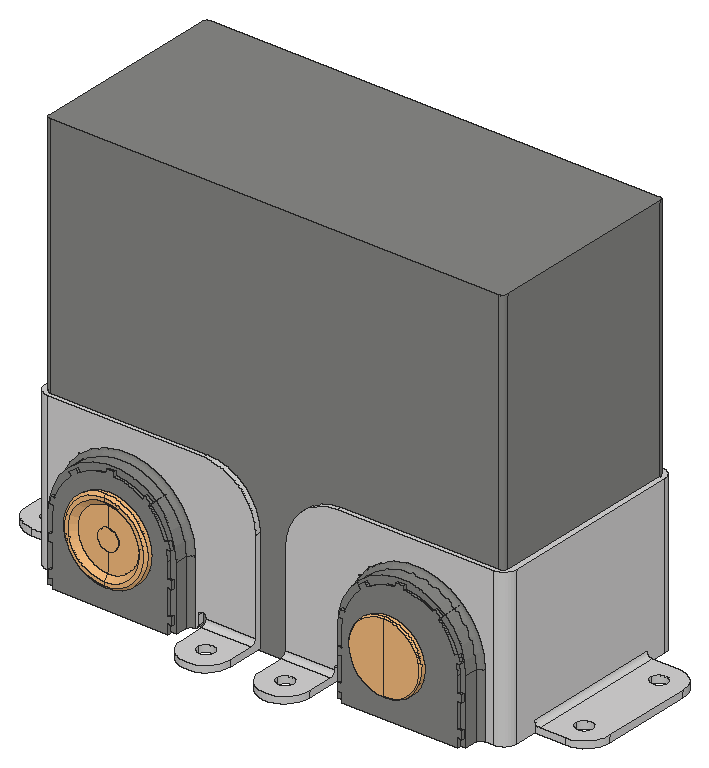
Revit family "Valve-One_Outlet_Thermostatic-KOHLER-K-26339T", category Plumbing Fixtures, host Face, Revit 2017
Family settings
  Host = Face
  Round Connector Dimension = Use Diameter
  Part Type = Normal
  OmniClass Number = 23.27.31.00
  OmniClass Title = Valves
  Cut with Voids When Loaded = No
  Shared = No
  Room Calculation Point = No
Parameters (values of type "NA-Not Applicable")
  Width = 8 215/256"  # constant formula
  WaterSense Certified = 1 = 0  # no
  Waste Connection = 1 = 0  # no
  Vent Connection = 1 = 0  # no
  Tempered Water Outlet Down [instance] = not(Tempered Water Outlet Up)  # no
  Tempered Water Outlet = "Tempered Water Outlet"  # constant formula
  URL = "http://www.kohler.com.cn/"
  Type = 1
  Product Page URL = ""
  Product Name = ""
  Product Documentation Link = ""
  Pressure = 0.00 psi
  Model = "K-26339T-NA"  # constant formula
  Material = "Plastic"  # constant formula
  Master Format 2014 Name = "Control Valves"  # constant formula
  Master Format 2014 = "23 09 13.33"  # constant formula
  Manufacturer Address = "Kohler Beijing Office (100016) 36-2-03-B, No. 88, Liuxiang Road, Beijing"  # constant formula
  Manufacturer = "KOHLER Co."  # constant formula
  Length = 6 13/128"  # constant formula
  Hot Water Inlet = "Hot Water Inlet"  # constant formula
  Height = 4 113/128"  # constant formula
  HW Connection = 1 = 1  # yes
  Tempered Water Outlet Up [instance] = yes
  Flow Rate = 1.75 GPM  # constant formula
  Finish = Kohler-Plastic-58-Thunder_Grey
  Environmental Product Declaration = ""
  Description = "Recessed thermostatic valve-1-outlet"  # constant formula
  Default Elevation = 42"
  Declare Label = ""
  Date Modified = "02/12/2021"  # constant formula
  Date Created = "02/12/2021"  # constant formula
  Copyright = "Copyright KOHLER Co."  # constant formula
  Contact Us = "http://www.kohler.com.cn/contact/contact-us/"
  Cold Water Inlet = "Cold Water Inlet"  # constant formula
  CW Connection = 1 = 1  # yes
  Assembly Code = "D2020"
  ADA Compliant = 1 = 0  # no
Reference planes (in)
  plane 1 "Center (Front/Back)": y = 0
  plane 2: z = 0
  plane 3 "Center (Left/Right)": x = 0
  plane 4: x = -4.41929
  plane 5: x = 4.42055
  plane 6: y = 2.44094
  plane 7: y = -2.44188
  plane 8: x = -2.20961
  plane 9: x = 2.01772
  plane 10: y = 1.98819
  plane 11: y = -1.98819
  plane 12: z = -5.21654
  plane 13: z = -5.11811
  plane 14: z = -6.10156
  plane 15: y = 2.06693
  plane 16: y = -2.06693
  plane 17: y = 0.70866
  plane 18: y = -0.70866
  plane 19: x = -0.59055
  plane 20: x = 0.59055
  plane 21: x = -4.03543
  plane 22: x = 4.03543
Forms (in)
  Extrusion 1, void
    sketch origin (0, 0, 0) x (1, 0, 0) y (0, 1, 0)
      loop
        line (-3.57283, -1.59449) -> (3.57283, -1.59449) -> (3.57283, 1.59449) -> (-3.57283, 1.59449) -> (-3.57283, -1.59449)
    from -6.10236 to 0.83394
  Extrusion 2, void
    sketch origin (0, 0, 0) x (1, 0, 0) y (0, 1, 0)
      loop
        line (-4.41929, 2.44094) -> (-4.41929, -2.44094) -> (4.41929, -2.44094) -> (4.41929, 2.44094) -> (-4.41929, 2.44094)
    from -6.10236 to -3.72047
Dimensions and locks (in)
  plane 8 to plane 9 = 4.22733"
  "Length": level to plane 14
  locked: plane 13 to plane 14 at 0.98345
  locked: plane 12 to plane 14 at 0.88503
  "Width": plane 4 to plane 5
  "Height": plane 6 to plane 7
  plane 15 to plane 16 = 4.13386"
  locked: plane 17 to plane 18 at 1.41732
  locked: plane 20 to plane 19 at 1.1811
  locked: plane 22 to plane 21 at 8.07087
  aligned and locked: plane 2 to host face
  aligned and locked: level to host face
Automatic sketch dimensions
  host sketch curve to host sketch curve = 96"  (x2)
  Extrusion 1 sketch curve to plane 4 = 0.84646"
  plane 10 to Extrusion 1 sketch curve = 0.3937"
  plane 11 to Extrusion 1 sketch curve = 0.3937"
  Extrusion 1 sketch curve to plane 5 = 0.84772"
  plane 6 to Extrusion 2 sketch curve = 0"
  plane 7 to Extrusion 2 sketch curve = 0.00094"
  Extrusion 2 sketch curve to plane 4 = 0"
  Extrusion 2 sketch curve to plane 5 = 0.00126"
Nested families (in)
  nested 1: "K-26339T" at (0, 0, -6.10236), type "K-26339T"
Connectors (in)
  piping at (-2.20961, 1.90938, -5.11811), diameter 0.75, driven by "Flow Rate", driven by "HW Connection", driven by "Hot Water Inlet"
    settings: on nested 1, index 1, connector inside diameter 24", connector length 0", flow factor 0, pipe flow 1.75 GPM, pressure drop 0.00 psi, fitting loss kfactor 0, connector angle 0.00°, fixture units 0, engagement length 0", angle of deflection 0.00°, flow configuration 1, flow direction 1, fitting loss method 0, system type 19, joint type 0, gender type 0, connector reference index -1, connector utility 1, adjustable connector no, is connector primary yes, connector description "Hot Water Inlet"
  piping at (-2.20961, -1.90938, -5.11811), diameter 0.75, driven by "Flow Rate", driven by "CW Connection", driven by "Cold Water Inlet"
    settings: on nested 1, index 2, connector inside diameter 24", connector length 0", flow factor 0, pipe flow 1.75 GPM, pressure drop 0.00 psi, fitting loss kfactor 0, connector angle 0.00°, fixture units 0, engagement length 0", angle of deflection 0.00°, flow configuration 1, flow direction 1, fitting loss method 0, system type 20, joint type 0, gender type 0, connector reference index -1, connector utility 1, adjustable connector no, is connector primary no, connector description "Cold Water Inlet"
  piping at (2.01772, 1.9685, -5.21654), diameter 0.5, driven by "Flow Rate", driven by "HW Connection", driven by "Tempered Water Outlet"
    settings: on nested 1, index 3, connector inside diameter 24", connector length 0", flow factor 0, pipe flow 1.75 GPM, pressure drop 0.00 psi, fitting loss kfactor 0, connector angle 0.00°, fixture units 0, engagement length 0", angle of deflection 0.00°, flow configuration 1, flow direction 2, fitting loss method 0, system type 19, joint type 0, gender type 0, connector reference index -1, connector utility 1, adjustable connector no, is connector primary no, connector description "Tempered Water Outlet"
Definition of nested family "K-26339T"
  Parameters (values of type "K-26339T")
    Top Connector1 = yes
    Material = none
    Down Connector1 = not(Top Connector1)  # no
    Connector distance = if(Top Connector1, 0", 3.18898")  # 0"
    C1 Angel = if(Top Connector1, 180.00°, 0.00°)  # 180.00°
  Reference planes (in)
    plane 1 "Center (Front/Back)": y = 0
    plane 2: z = 0
    plane 3 "Center (Left/Right)": x = 0
    plane 4: x = -4.41929
    plane 5: x = 4.41929
    plane 6: y = 2.44094
    plane 7: y = -2.44094
    plane 8: z = 6.10236
    plane 9 "2": x = 2.01772
    plane 10 "1": x = -2.20961
    plane 11: z = 0.98425
    plane 12 "A": z = 0.88583
    plane 13: y = 1.98819
    plane 14: y = -1.98819
    plane 15: y = 0.70866
    plane 16: y = -0.70866
    plane 17: x = -0.60039
    plane 18: x = 0.60039
    plane 19: y = 1.59449
    plane 20: y = -1.59449
    plane 21 "C1": y = 1.59449
    plane 22: z = 0
  Forms (in)
    Extrusion 1, solid, material <- "Material", detail levels medium+fine
      sketch origin (0, 0, 0) x (1, 0, 0) y (0, 1, 0)
        loop
          line (3.39567, 1.51575) -> (-3.39567, 1.51575)
          arc (-3.39567, 1.51575) -> (-3.45135, 1.49269) -> (-3.47441, 1.43701) r 0.07874
          line (-3.47441, 1.43701) -> (-3.47441, -1.43701)
          arc (-3.47441, -1.43701) -> (-3.45135, -1.49269) -> (-3.39567, -1.51575) r 0.07874
          line (-3.39567, -1.51575) -> (3.39567, -1.51575)
          arc (3.39567, -1.51575) -> (3.45135, -1.49269) -> (3.47441, -1.43701) r 0.07874
          line (3.47441, -1.43701) -> (3.47441, 1.43701)
          arc (3.47441, 1.43701) -> (3.45135, 1.49269) -> (3.39567, 1.51575) r 0.07874
      from 0 to 6.10236
    Extrusion 2, solid, detail levels medium+fine
      sketch origin (0, 0, 0) x (1, 0, 0) y (0, 0, 1)
        loop
          line (-1.01378, 2.38189) -> (-3.57283, 2.38189) -> (-3.57283, 0.01969) -> (-1.1437, 0.01969)
          arc (-1.1437, 0.01969) -> (-1.10751, 0.03468) -> (-1.09252, 0.07087) r 0.05118
          line (-1.09252, 0.07087) -> (-1.09252, 0.2165)
          arc (-1.09252, 0.2165) -> (-1.03346, 0.27556) -> (-0.97441, 0.2165) r 0.05906
          line (-0.97441, 0.2165) -> (-0.97441, 0.01969) -> (-0.22638, 0.01969) -> (-0.22638, 1.59449)
          arc (-0.22638, 1.59449) -> (-0.457, 2.15127) -> (-1.01378, 2.38189) r 0.7874
        loop
          arc (1.01378, 2.38189) -> (0.457, 2.15127) -> (0.22638, 1.59449) r 0.7874
          line (0.22638, 1.59449) -> (0.22638, 0.01969) -> (0.97441, 0.01969) -> (0.97441, 0.2165)
          arc (0.97441, 0.2165) -> (1.03346, 0.27556) -> (1.09252, 0.2165) r 0.05906
          line (1.09252, 0.2165) -> (1.09252, 0.07087)
          arc (1.09252, 0.07087) -> (1.10751, 0.03468) -> (1.1437, 0.01969) r 0.05118
          line (1.1437, 0.01969) -> (3.57283, 0.01969) -> (3.57283, 2.38189) -> (1.01378, 2.38189)
      from -1.59449 to 1.59449
    Sweep 3, void
      path in 3D
        loop
          line (-3.57283, -1.59449, 2.38189) -> (-3.57283, -1.59449, 0.01969)
      profile origin (-3.57283, -1.59449, 1.20079) x (-1, 0, 0) y (0, -1, 0)
        loop
          line (0, -0.19685) -> (0, 0) -> (-0.19685, 0)
          arc (-0.19685, 0) -> (-0.05766, -0.05766) -> (0, -0.19685) r 0.19685
    Sweep 4, void
      path in 3D
        loop
          line (-3.57283, 1.59449, 2.38189) -> (-3.57283, 1.59449, 0.01969)
      profile origin (-3.57283, 1.59449, 1.20079) x (-1, 0, 0) y (0, -1, 0)
        loop
          arc (0, 0.19685) -> (-0.05766, 0.05766) -> (-0.19685, 0) r 0.19685
          line (-0.19685, 0) -> (0, 0) -> (0, 0.19685)
    Sweep 5, void
      path in 3D
        loop
          line (3.57283, -1.59449, 2.38189) -> (3.57283, -1.59449, 0.01969)
      profile origin (3.57283, -1.59449, 1.20079) x (1, 0, 0) y (0, 1, 0)
        loop
          arc (0, 0.19685) -> (-0.05766, 0.05766) -> (-0.19685, 0) r 0.19685
          line (-0.19685, 0) -> (0, 0) -> (0, 0.19685)
    Sweep 6, void
      path in 3D
        loop
          line (3.57283, 1.59449, 2.38189) -> (3.57283, 1.59449, 0.01969)
      profile origin (3.57283, 1.59449, 1.20079) x (1, 0, 0) y (0, 1, 0)
        loop
          line (0, -0.19685) -> (0, 0) -> (-0.19685, 0)
          arc (-0.19685, 0) -> (-0.05766, -0.05766) -> (0, -0.19685) r 0.19685
    Extrusion 7, solid, detail levels medium+fine
      sketch origin (0, 0, 0) x (1, 0, 0) y (0, 1, 0)
        loop
          line (-3.57283, 1.06299) -> (-4.04528, 1.06299)
          arc (-4.04528, 1.06299) -> (-4.30974, 0.95345) -> (-4.41929, 0.68898) r 0.37402
          line (-4.41929, 0.68898) -> (-4.41929, -0.68898)
          arc (-4.41929, -0.68898) -> (-4.30974, -0.95345) -> (-4.04528, -1.06299) r 0.37402
          line (-4.04528, -1.06299) -> (-3.57283, -1.06299) -> (-3.57283, 1.06299)
        loop
          line (3.57283, 1.06299) -> (3.57283, -1.06299) -> (4.04528, -1.06299)
          arc (4.04528, -1.06299) -> (4.30974, -0.95345) -> (4.41929, -0.68898) r 0.37402
          line (4.41929, -0.68898) -> (4.41929, 0.68898)
          arc (4.41929, 0.68898) -> (4.30974, 0.95345) -> (4.04528, 1.06299) r 0.37402
          line (4.04528, 1.06299) -> (3.57283, 1.06299)
        loop
          circle (-4.04528, 0.70866) r 0.12598
        loop
          circle (-4.04528, -0.70866) r 0.12598
        loop
          circle (4.04528, 0.70866) r 0.12598
        loop
          circle (4.04528, -0.70866) r 0.12598
        loop
          arc (-0.9744, -2.06693) -> (-0.60039, -2.44094) -> (-0.22639, -2.06693) r 0.37401
          line (-0.22639, -2.06693) -> (-0.22639, -1.59449) -> (-0.9744, -1.59449) -> (-0.9744, -2.06693)
        loop
          line (0.9744, -2.06693) -> (0.9744, -1.59449) -> (0.22639, -1.59449) -> (0.22639, -2.06693)
          arc (0.22639, -2.06693) -> (0.60039, -2.44094) -> (0.9744, -2.06693) r 0.37401
        loop
          line (-0.9744, 2.06693) -> (-0.9744, 1.59449) -> (-0.22639, 1.59449) -> (-0.22639, 2.06693)
          arc (-0.22639, 2.06693) -> (-0.60039, 2.44094) -> (-0.9744, 2.06693) r 0.37401
        loop
          arc (0.9744, 2.06693) -> (0.60039, 2.44094) -> (0.22639, 2.06693) r 0.37401
          line (0.22639, 2.06693) -> (0.22639, 1.59449) -> (0.9744, 1.59449) -> (0.9744, 2.06693)
        loop
          circle (-0.60039, -2.06693) r 0.12598
        loop
          circle (0.60039, -2.06693) r 0.12598
        loop
          circle (-0.60039, 2.06693) r 0.12598
        loop
          circle (0.60039, 2.06693) r 0.12598
      from 0.01969 to 0.11811
    Extrusion 8, solid, material <- "Material", detail levels medium+fine
      sketch origin (0, 0, 0) x (1, 0, 0) y (0, 0, 1)
        loop
          line (-1.22047, 0.01969) -> (-1.22047, 0.98689)
          arc (-1.22047, 0.98689) -> (-2.19488, 1.9613) -> (-3.16929, 0.98689) r 0.97441
          line (-3.16929, 0.98689) -> (-3.16929, 0.01969) -> (-1.22047, 0.01969)
        loop
          line (1.22047, 0.99085) -> (1.22047, 0.01969) -> (3.16929, 0.01969) -> (3.16929, 0.99085)
          arc (3.16929, 0.99085) -> (2.19488, 1.96526) -> (1.22047, 0.99085) r 0.97441
      from -1.85039 to 1.85039
    Extrusion 9, solid, material <- "Material", detail levels medium+fine
      sketch origin (0, 0, 0) x (1, 0, 0) y (0, 0, 1)
        loop
          line (-3.07087, 0.62992) -> (-3.07087, 0.25591) -> (-3.12992, 0.25591) -> (-3.12992, 0.1378) -> (-3.07087, 0.1378) -> (-3.07087, 0) -> (-1.3189, 0) -> (-1.3189, 0.1378) -> (-1.25984, 0.1378) -> (-1.25984, 0.25591) -> (-1.3189, 0.25591) -> (-1.3189, 0.62992) -> (-1.25984, 0.62992) -> (-1.25984, 0.74803) -> (-1.3189, 0.74803) -> (-1.3189, 0.98425)
          arc (-1.3189, 0.98425) -> (-1.32232, 1.06162) -> (-1.33257, 1.13839) r 0.87598
          line (-1.33257, 1.13839) -> (-1.27514, 1.15271) -> (-1.30372, 1.26731) -> (-1.36114, 1.25299)
          arc (-1.36114, 1.25299) -> (-1.46022, 1.46135) -> (-1.61026, 1.63661) r 0.87598
          line (-1.61026, 1.63661) -> (-1.57383, 1.68324) -> (-1.6669, 1.75596) -> (-1.70334, 1.70932)
          arc (-1.70334, 1.70932) -> (-1.90969, 1.81251) -> (-2.13583, 1.85824) r 0.87598
          line (-2.13583, 1.85824) -> (-2.13583, 1.91742) -> (-2.25394, 1.91742) -> (-2.25394, 1.85824)
          arc (-2.25394, 1.85824) -> (-2.48007, 1.81251) -> (-2.68643, 1.70932) r 0.87598
          line (-2.68643, 1.70932) -> (-2.72286, 1.75596) -> (-2.81594, 1.68324) -> (-2.7795, 1.63661)
          arc (-2.7795, 1.63661) -> (-2.92954, 1.46135) -> (-3.02863, 1.25299) r 0.87598
          line (-3.02863, 1.25299) -> (-3.08605, 1.26731) -> (-3.11462, 1.15271) -> (-3.0572, 1.13839)
          arc (-3.0572, 1.13839) -> (-3.06744, 1.06162) -> (-3.07087, 0.98425) r 0.87598
          line (-3.07087, 0.98425) -> (-3.07087, 0.74803) -> (-3.12992, 0.74803) -> (-3.12992, 0.62992) -> (-3.07087, 0.62992)
        loop
          line (1.3189, 0.62992) -> (1.3189, 0.25591) -> (1.25984, 0.25591) -> (1.25984, 0.1378) -> (1.3189, 0.1378) -> (1.3189, 0) -> (3.07087, 0) -> (3.07087, 0.1378) -> (3.12992, 0.1378) -> (3.12992, 0.25591) -> (3.07087, 0.25591) -> (3.07087, 0.62992) -> (3.12992, 0.62992) -> (3.12992, 0.74803) -> (3.07087, 0.74803) -> (3.07087, 0.98425)
          arc (3.07087, 0.98425) -> (3.06744, 1.06162) -> (3.0572, 1.13839) r 0.87598
          line (3.0572, 1.13839) -> (3.11462, 1.15271) -> (3.08605, 1.26731) -> (3.02863, 1.25299)
          arc (3.02863, 1.25299) -> (2.92954, 1.46135) -> (2.7795, 1.63661) r 0.87598
          line (2.7795, 1.63661) -> (2.81594, 1.68324) -> (2.72286, 1.75596) -> (2.68643, 1.70932)
          arc (2.68643, 1.70932) -> (2.48007, 1.81251) -> (2.25394, 1.85824) r 0.87598
          line (2.25394, 1.85824) -> (2.25394, 1.91742) -> (2.13583, 1.91742) -> (2.13583, 1.85824)
          arc (2.13583, 1.85824) -> (1.90969, 1.81251) -> (1.70334, 1.70932) r 0.87598
          line (1.70334, 1.70932) -> (1.6669, 1.75596) -> (1.57383, 1.68324) -> (1.61026, 1.63661)
          arc (1.61026, 1.63661) -> (1.46022, 1.46135) -> (1.36114, 1.25299) r 0.87598
          line (1.36114, 1.25299) -> (1.30372, 1.26731) -> (1.27514, 1.15271) -> (1.33257, 1.13839)
          arc (1.33257, 1.13839) -> (1.32232, 1.06162) -> (1.3189, 0.98425) r 0.87598
          line (1.3189, 0.98425) -> (1.3189, 0.74803) -> (1.25984, 0.74803) -> (1.25984, 0.62992) -> (1.3189, 0.62992)
        loop
          circle (-2.20961, 0.98425) r 0.54335
        loop
          circle (2.01772, 0.88583) r 0.41841
      from -1.92913 to 1.88976
    Revolve 10, solid, detail levels medium+fine
      sketch origin (-2.20961, 0, 0) x (0, 0, 1) y (0, -1, 0)
        loop
          line (1.5276, -1.98819) -> (1.58464, -1.98819) -> (1.62406, -1.94877) -> (1.62406, -1.51575) -> (0.98425, -1.51575) -> (0.98425, -1.90938) -> (1.44879, -1.90938) -> (1.5276, -1.98819)
        loop
          line (1.5276, 1.98819) -> (1.44879, 1.90938) -> (0.98425, 1.90938) -> (0.98425, 1.51575) -> (1.62406, 1.51575) -> (1.62406, 1.94877) -> (1.58464, 1.98819) -> (1.5276, 1.98819)
        axis (0.98425, -1.98819) -> (0.98425, 1.98819)
      angle from 0 to 360
    Revolve 11, solid, detail levels medium+fine
      sketch origin (2.01772, 0, 0) x (0, 0, -1) y (0, -1, 0)
        loop
          line (-1.43701, 1.94331) -> (-1.43701, 1.61417) -> (-0.88583, 1.61417) -> (-0.88583, 1.9685) -> (-1.41732, 1.9685) -> (-1.43701, 1.94331)
        loop
          line (-1.43701, -1.94331) -> (-1.41732, -1.9685) -> (-0.88583, -1.9685) -> (-0.88583, -1.61417) -> (-1.43701, -1.61417) -> (-1.43701, -1.94331)
        axis (-0.88583, 1.9685) -> (-0.88583, -1.9685)
      angle from 0 to 360
    Sweep 12, solid, material <- "Material", detail levels medium+fine
      path in 3D
        loop
          line (1.22047, -1.59449, 0.01969) -> (1.22047, -1.59449, 0.99085)
          arc (1.22047, -1.59449, 0.99085) -> (2.19488, -1.59449, 1.96526) -> (3.16929, -1.59449, 0.99085) r 0.97441
          line (3.16929, -1.59449, 0.99085) -> (3.16929, -1.59449, 0.01969)
      profile origin (1.22047, -1.59449, 0.50527) x (0, 1, 0) y (-1, 0, 0)
        loop
          line (-0.07874, 0) -> (0, 0) -> (0, 0.07874)
          arc (0, 0.07874) -> (-0.02306, 0.02306) -> (-0.07874, 0) r 0.07874
    Sweep 13, solid, material <- "Material", detail levels medium+fine
      path in 3D
        loop
          line (1.22047, 1.59449, 0.01969) -> (1.22047, 1.59449, 0.99085)
          arc (1.22047, 1.59449, 0.99085) -> (2.19488, 1.59449, 1.96526) -> (3.16929, 1.59449, 0.99085) r 0.97441
          line (3.16929, 1.59449, 0.99085) -> (3.16929, 1.59449, 0.01969)
      profile origin (1.22047, 1.59449, 0.50527) x (0, 1, 0) y (-1, 0, 0)
        loop
          arc (0.07874, 0) -> (0.02306, 0.02306) -> (0, 0.07874) r 0.07874
          line (0, 0.07874) -> (0, 0) -> (0.07874, 0)
    Sweep 14, solid, material <- "Material", detail levels medium+fine
      path in 3D
        loop
          line (-3.16929, -1.59449, 0.01969) -> (-3.16929, -1.59449, 0.99085)
          arc (-3.16929, -1.59449, 0.99085) -> (-2.19488, -1.59449, 1.96526) -> (-1.22047, -1.59449, 0.99085) r 0.97441
          line (-1.22047, -1.59449, 0.99085) -> (-1.22047, -1.59449, 0.01969)
      profile origin (-3.16929, -1.59449, 0.50527) x (0, 1, 0) y (-1, 0, 0)
        loop
          line (-0.07874, 0) -> (0, 0) -> (0, 0.07874)
          arc (0, 0.07874) -> (-0.02306, 0.02306) -> (-0.07874, 0) r 0.07874
    Sweep 15, solid, material <- "Material", detail levels medium+fine
      path in 3D
        loop
          line (-3.16929, 1.59449, 0.01969) -> (-3.16929, 1.59449, 0.99085)
          arc (-3.16929, 1.59449, 0.99085) -> (-2.19488, 1.59449, 1.96526) -> (-1.22047, 1.59449, 0.99085) r 0.97441
          line (-1.22047, 1.59449, 0.99085) -> (-1.22047, 1.59449, 0.01969)
      profile origin (-3.16929, 1.59449, 0.50527) x (0, 1, 0) y (-1, 0, 0)
        loop
          arc (0.07874, 0) -> (0.02306, 0.02306) -> (0, 0.07874) r 0.07874
          line (0, 0.07874) -> (0, 0) -> (0.07874, 0)
    Extrusion 16, void
      sketch origin (0, 0, 0) x (1, 0, 0) y (0, 1, 0)
        loop
          line (3.39567, 1.51575) -> (-3.39567, 1.51575)
          arc (-3.39567, 1.51575) -> (-3.45135, 1.49269) -> (-3.47441, 1.43701) r 0.07874
          line (-3.47441, 1.43701) -> (-3.47441, -1.43701)
          arc (-3.47441, -1.43701) -> (-3.45135, -1.49269) -> (-3.39567, -1.51575) r 0.07874
          line (-3.39567, -1.51575) -> (3.39567, -1.51575)
          arc (3.39567, -1.51575) -> (3.45135, -1.49269) -> (3.47441, -1.43701) r 0.07874
          line (3.47441, -1.43701) -> (3.47441, 1.43701)
          arc (3.47441, 1.43701) -> (3.45135, 1.49269) -> (3.39567, 1.51575) r 0.07874
      from -0.47445 to 7.6998
    Extrusion 17, solid, detail levels medium+fine
      sketch origin (0, 0, 0) x (1, 0, 0) y (0, 0, 1)
        loop
          line (-3.57283, 0.11811) -> (-3.57283, 0.19685)
          arc (-3.57283, 0.19685) -> (-3.5959, 0.14117) -> (-3.65157, 0.11811) r 0.07874
          line (-3.65157, 0.11811) -> (-3.57283, 0.11811)
        loop
          line (3.57283, 0.11811) -> (3.65157, 0.11811)
          arc (3.65157, 0.11811) -> (3.5959, 0.14117) -> (3.57283, 0.19685) r 0.07874
          line (3.57283, 0.19685) -> (3.57283, 0.11811)
      from -1.06299 to 1.06299
    Extrusion 18, solid, detail levels medium+fine
      sketch origin (0, 0, 0) x (0, 1, 0) y (0, 0, 1)
        loop
          line (-1.67323, 0.11811) -> (-1.59449, 0.11811) -> (-1.59449, 0.19685)
          arc (-1.59449, 0.19685) -> (-1.61755, 0.14117) -> (-1.67323, 0.11811) r 0.07874
        loop
          arc (1.67323, 0.11811) -> (1.61755, 0.14117) -> (1.59449, 0.19685) r 0.07874
          line (1.59449, 0.19685) -> (1.59449, 0.11811) -> (1.67323, 0.11811)
      from 0.22638 to 0.97441
    Extrusion 19, solid, detail levels medium+fine
      sketch origin (0, 0, 0) x (0, 1, 0) y (0, 0, 1)
        loop
          line (-1.67323, 0.11811) -> (-1.59449, 0.11811) -> (-1.59449, 0.19685)
          arc (-1.59449, 0.19685) -> (-1.61755, 0.14117) -> (-1.67323, 0.11811) r 0.07874
        loop
          arc (1.67323, 0.11811) -> (1.61755, 0.14117) -> (1.59449, 0.19685) r 0.07874
          line (1.59449, 0.19685) -> (1.59449, 0.11811) -> (1.67323, 0.11811)
      from -0.97441 to -0.22638
    Extrusion 20, solid, material <- "Material", detail levels coarse
      sketch origin (0, 0, 0) x (1, 0, 0) y (0, 1, 0)
        loop
          line (3.47441, 1.51575) -> (-3.47441, 1.51575) -> (-3.47441, -1.51575) -> (3.47441, -1.51575) -> (3.47441, 1.51575)
      from 0 to 6.10236
    Extrusion 21, solid, material <- "Material", detail levels coarse
      sketch origin (0, 0, 0) x (1, 0, 0) y (0, 0, 1)
        loop
          line (-1.3189, 0) -> (-1.3189, 0.9897)
          arc (-1.3189, 0.9897) -> (-2.19488, 1.86569) -> (-3.07087, 0.9897) r 0.87598
          line (-3.07087, 0.9897) -> (-3.07087, 0) -> (-1.3189, 0)
        loop
          line (3.07087, 0) -> (3.07087, 0.9897)
          arc (3.07087, 0.9897) -> (2.19488, 1.86569) -> (1.3189, 0.9897) r 0.87598
          line (1.3189, 0.9897) -> (1.3189, 0) -> (3.07087, 0)
      from -1.92913 to 1.88976
    Extrusion 22, solid, detail levels coarse
      sketch origin (0, 0, 0) x (1, 0, 0) y (0, 1, 0)
        loop
          line (3.57283, 1.59449) -> (0.22638, 1.59449) -> (0.22638, 1.51575) -> (3.47441, 1.51575) -> (3.47441, -1.51575) -> (0.22638, -1.51575) -> (0.22638, -1.59449) -> (3.57283, -1.59449) -> (3.57283, 1.59449)
        loop
          line (-3.57283, 1.59449) -> (-3.57283, -1.59449) -> (-0.22638, -1.59449) -> (-0.22638, -1.51575) -> (-3.47441, -1.51575) -> (-3.47441, 1.51575) -> (-0.22638, 1.51575) -> (-0.22638, 1.59449) -> (-3.57283, 1.59449)
      from 0 to 2.38189
    Extrusion 23, solid, detail levels coarse
      sketch origin (0, 0, 0) x (1, 0, 0) y (0, 1, 0)
        loop
          line (-4.41929, -1.06299) -> (-3.57283, -1.06299) -> (-3.57283, 1.06299) -> (-4.41929, 1.06299) -> (-4.41929, -1.06299)
        loop
          line (-0.97441, 1.59449) -> (-0.22638, 1.59449) -> (-0.22638, 2.44094) -> (-0.97441, 2.44094) -> (-0.97441, 1.59449)
        loop
          line (0.22638, 1.59449) -> (0.9744, 1.59449) -> (0.9744, 2.44094) -> (0.22638, 2.44094) -> (0.22638, 1.59449)
        loop
          line (-0.97441, -1.59449) -> (-0.97441, -2.44094) -> (-0.22638, -2.44094) -> (-0.22638, -1.59449) -> (-0.97441, -1.59449)
        loop
          line (0.22638, -1.59449) -> (0.22638, -2.44094) -> (0.9744, -2.44094) -> (0.9744, -1.59449) -> (0.22638, -1.59449)
        loop
          line (4.41929, -1.06299) -> (4.41929, 1.06299) -> (3.57283, 1.06299) -> (3.57283, -1.06299) -> (4.41929, -1.06299)
        loop
          circle (-4.04528, 0.70866) r 0.12598
        loop
          circle (-4.04528, -0.70866) r 0.12598
        loop
          circle (-0.60039, 2.06693) r 0.12598
        loop
          circle (0.60039, 2.06693) r 0.12598
        loop
          circle (4.04528, 0.70866) r 0.12598
        loop
          circle (4.04528, -0.70866) r 0.12598
        loop
          circle (-0.60039, -2.06693) r 0.12598
        loop
          circle (0.60039, -2.06693) r 0.12598
      from 0.01969 to 0.11811
    Extrusion 24, solid, detail levels medium+fine
      sketch origin (0, 0, 0) x (1, 0, 0) y (0, 0, 1)
        loop
          circle (-2.20961, 0.98425) r 0.15748
      from -1.90938 to 1.90938
    Extrusion 25, solid, detail levels coarse
      sketch origin (0, 0, 0) x (1, 0, 0) y (0, 0, 1)
        loop
          circle (-2.20961, 0.98425) r 0.63981
        loop
          circle (2.01772, 0.88583) r 0.55118
      from -1.98819 to 1.98819
    Revolve 26, solid, detail levels medium+fine
      sketch origin (2.01772, 1.59449, 0.88583) x (0, 1, 0) y (-1, 0, 0)
        loop
          line (0.37402, 0) -> (0.08362, 0) -> (0.08362, -0.11811) -> (0.37402, -0.11811) -> (0.37402, 0)
        axis (0.37402, 0) -> (0.08362, 0)
      angle from 0 to 360
  Cuts and joins
    Extrusion 16 cuts Extrusion 9
    joined: Extrusion 1, Extrusion 9
    joined: Revolve 10, Revolve 11
    joined: Sweep 12, Sweep 13, Sweep 14, Sweep 15
    Sweep 3, Sweep 4, Sweep 5, Sweep 6, Extrusion 16 cuts Extrusion 2
    joined: Extrusion 2, Extrusion 7, Extrusion 17, Extrusion 18, Extrusion 19
    joined: Extrusion 20, Extrusion 21
    joined: Extrusion 22, Extrusion 23
    Extrusion 16 cuts Extrusion 8
  Lines and regions (in)
    Masking region 1
      outline origin (0, 0, 0) x (1, 0, 0) y (0, 1, 0)
        loop
          line (-3.57283, 1.39764) -> (-3.57283, -0.07023) -> (-3.57283, -1.39764)
          arc (-3.57283, -1.39764) -> (-3.51518, -1.53683) -> (-3.37598, -1.59449) r 0.19685
          line (-3.37598, -1.59449) -> (3.37598, -1.59449)
          arc (3.37598, -1.59449) -> (3.51518, -1.53683) -> (3.57283, -1.39764) r 0.19685
          line (3.57283, -1.39764) -> (3.57283, 0.08348) -> (3.57283, 1.39764)
          arc (3.57283, 1.39764) -> (3.51518, 1.53683) -> (3.37598, 1.59449) r 0.19685
          line (3.37598, 1.59449) -> (0.06398, 1.59449) -> (-3.37598, 1.59449)
          arc (-3.37598, 1.59449) -> (-3.51518, 1.53683) -> (-3.57283, 1.39764) r 0.19685
    Masking region 2, detail levels medium+fine
      outline origin (0, 0, 0) x (1, 0, 0) y (0, 0, 1)
        loop
          line (-3.47441, 6.10236) -> (-3.47441, 2.38189) -> (-3.57283, 2.38189) -> (-3.57283, 0.19685)
          arc (-3.57283, 0.19685) -> (-3.5959, 0.14117) -> (-3.65157, 0.11811) r 0.07874
          line (-3.65157, 0.11811) -> (-4.41929, 0.11811) -> (-4.41929, 0.01969) -> (-3.50053, 0.01969) -> (-3.47441, 0) -> (3.47441, 0) -> (3.50053, 0.01969) -> (4.41929, 0.01969) -> (4.41929, 0.11811) -> (3.65157, 0.11811)
          arc (3.65157, 0.11811) -> (3.5959, 0.14117) -> (3.57283, 0.19685) r 0.07874
          line (3.57283, 0.19685) -> (3.57283, 2.38189) -> (3.47441, 2.38189) -> (3.47441, 6.10236) -> (-3.47441, 6.10236)
    Masking region 3
      outline origin (2.01772, 0, 0) x (0, 0, -1) y (0, -1, 0)
        loop
          line (-6.10236, -1.51575) -> (-2.38189, -1.51575) -> (-2.38189, -1.59449) -> (-2.044, -1.59449)
          arc (-2.044, -1.59449) -> (-1.98832, -1.61755) -> (-1.96526, -1.67323) r 0.07874
          line (-1.96526, -1.67323) -> (-1.96526, -1.85039) -> (-1.91742, -1.85039) -> (-1.91742, -1.92913) -> (-1.64369, -1.92913) -> (-1.58464, -1.98819) -> (-0.38387, -1.98819) -> (-0.35433, -1.9685) -> (-0.32357, -1.92913) -> (-0.11811, -1.92913) -> (-0.11811, -2.44094) -> (-0.01969, -2.44094) -> (-0.01969, -1.95526) -> (0, -1.92913) -> (0, 1.92913) -> (-0.01969, 1.95526) -> (-0.01969, 2.44094) -> (-0.11811, 2.44094) -> (-0.11811, 1.88976) -> (-0.33465, 1.88976) -> (-0.33465, 1.94331) -> (-0.38387, 1.98819) -> (-1.58464, 1.98819) -> (-1.62406, 1.94877) -> (-1.62406, 1.88976) -> (-1.91742, 1.88976) -> (-1.91742, 1.85039) -> (-1.96526, 1.85039) -> (-1.96526, 1.67323)
          arc (-1.96526, 1.67323) -> (-1.98832, 1.61755) -> (-2.044, 1.59449) r 0.07874
          line (-2.044, 1.59449) -> (-2.38189, 1.59449) -> (-2.38189, 1.51575) -> (-6.10236, 1.51575) -> (-6.10236, -1.51575)
    sketch lines
      curve 1: line (-3.57283, -1.59449, 2.38189) -> (-3.57283, -1.59449, 0.01969)
      curve 2: line (-3.57283, 1.59449, 2.38189) -> (-3.57283, 1.59449, 0.01969)
      curve 3: line (3.57283, -1.59449, 2.38189) -> (3.57283, -1.59449, 0.01969)
      curve 4: line (3.57283, 1.59449, 2.38189) -> (3.57283, 1.59449, 0.01969)
      curve 5: line (1.22047, -1.59449, 0.01969) -> (1.22047, -1.59449, 0.99085)
      curve 6: arc (3.16929, -1.59449, 0.99085) -> (2.19488, -1.59449, 1.96526) -> (1.22047, -1.59449, 0.99085) r 0.97441
      curve 7: line (3.16929, -1.59449, 0.99085) -> (3.16929, -1.59449, 0.01969)
      curve 8: line (1.22047, 1.59449, 0.01969) -> (1.22047, 1.59449, 0.99085)
      curve 9: arc (3.16929, 1.59449, 0.99085) -> (2.19488, 1.59449, 1.96526) -> (1.22047, 1.59449, 0.99085) r 0.97441
      curve 10: line (3.16929, 1.59449, 0.99085) -> (3.16929, 1.59449, 0.01969)
      curve 11: line (-3.16929, -1.59449, 0.01969) -> (-3.16929, -1.59449, 0.99085)
      curve 12: arc (-1.22047, -1.59449, 0.99085) -> (-2.19488, -1.59449, 1.96526) -> (-3.16929, -1.59449, 0.99085) r 0.97441
      curve 13: line (-1.22047, -1.59449, 0.99085) -> (-1.22047, -1.59449, 0.01969)
      curve 14: line (-3.16929, 1.59449, 0.01969) -> (-3.16929, 1.59449, 0.99085)
      curve 15: arc (-1.22047, 1.59449, 0.99085) -> (-2.19488, 1.59449, 1.96526) -> (-3.16929, 1.59449, 0.99085) r 0.97441
      curve 16: line (-1.22047, 1.59449, 0.99085) -> (-1.22047, 1.59449, 0.01969)
    symbolic lines, detail levels medium+fine
      curve 17: line (3.39567, 1.51575, 0) -> (-3.39567, 1.51575, 0)
      curve 18: arc (-3.39567, 1.51575, 0) -> (-3.45135, 1.49269, 0) -> (-3.47441, 1.43701, 0) r 0.07874
      curve 19: line (-3.47441, 1.43701, 0) -> (-3.47441, -1.43701, 0)
      curve 20: line (-3.39567, -1.51575, 0) -> (3.39567, -1.51575, 0)
      curve 21: line (3.47441, -1.43701, 0) -> (3.47441, 1.43701, 0)
      curve 22: arc (3.47441, 1.43701, 0) -> (3.45135, 1.49269, 0) -> (3.39567, 1.51575, 0) r 0.07874
      curve 23: line (-0.22638, 1.59449, 0) -> (-3.37598, 1.59449, 0)
      curve 24: line (0.22638, 1.59449, 0) -> (3.37598, 1.59449, 0)
      curve 25: line (3.57283, 1.39764, 0) -> (3.57283, -1.39764, 0)
      curve 26: line (3.37598, -1.59449, 0) -> (0.22638, -1.59449, 0)
      curve 27: line (-3.57283, 1.39764, 0) -> (-3.57283, -1.39764, 0)
      curve 28: line (-1.01378, 0, 2.38189) -> (-3.57283, 0, 2.38189)
      curve 29: arc (-0.22638, 0, 1.59449) -> (-0.457, 0, 2.15127) -> (-1.01378, 0, 2.38189) r 0.7874
      curve 30: line (-0.22638, 0, 0.01969) -> (-0.22638, 0, 1.59449)
      curve 31: arc (-1.09252, 0, 0.2165) -> (-1.03346, 0, 0.27556) -> (-0.97441, 0, 0.2165) r 0.05906
      curve 32: line (-0.97441, 0, 0.2165) -> (-0.97441, 0, 0.01969)
      curve 33: line (-1.09252, 0, 0.07087) -> (-1.09252, 0, 0.2165)
      curve 34: arc (-1.1437, 0, 0.01969) -> (-1.10751, 0, 0.03468) -> (-1.09252, 0, 0.07087) r 0.05118
      curve 35: line (-0.97441, 0, 0.01969) -> (-0.22638, 0, 0.01969)
      curve 36: line (-0.22638, 0, 0.11811) -> (-0.97441, 0, 0.11811)
      curve 37: line (-1.1437, 0, 0.01969) -> (-1.3189, 0, 0.01969)
      curve 38: line (-3.07087, 0, 0.01969) -> (-3.89598, 0, 0.01969)
      curve 39: arc (-2.20961, 0, 0.51971) -> (-2.67415, 0, 0.98425) -> (-2.20961, 0, 1.44879) r 0.46454
      curve 40: arc (-2.20961, 0, 0.4409) -> (-2.75296, 0, 0.98425) -> (-2.20961, 0, 1.5276) r 0.54335
      curve 41: arc (-2.20961, 0, 1.58464) -> (-2.81, 0, 0.98425) -> (-2.20961, 0, 0.38387) r 0.60038
      curve 42: arc (-2.20961, 0, 1.62406) -> (-2.84942, 0, 0.98425) -> (-2.20961, 0, 0.34445) r 0.63981
      curve 43: arc (-2.20961, 0, 0.34445) -> (-1.56981, 0, 0.98425) -> (-2.20961, 0, 1.62406) r 0.63981
      curve 44: arc (-2.20961, 0, 0.38387) -> (-1.60923, 0, 0.98425) -> (-2.20961, 0, 1.58464) r 0.60038
      curve 45: arc (-2.20961, 0, 1.5276) -> (-1.66627, 0, 0.98425) -> (-2.20961, 0, 0.4409) r 0.54335
      curve 46: arc (-2.20961, 0, 1.44879) -> (-1.74508, 0, 0.98425) -> (-2.20961, 0, 0.51971) r 0.46454
      curve 47: line (-3.07087, 0, 0.1378) -> (-3.07087, 0, 0)
      curve 48: line (-3.12992, 0, 0.1378) -> (-3.07087, 0, 0.1378)
      curve 49: line (-3.12992, 0, 0.25591) -> (-3.12992, 0, 0.1378)
      curve 50: line (-3.07087, 0, 0.25591) -> (-3.12992, 0, 0.25591)
      curve 51: line (-3.07087, 0, 0.62992) -> (-3.07087, 0, 0.25591)
      curve 52: line (-3.12992, 0, 0.62992) -> (-3.07087, 0, 0.62992)
      curve 53: line (-3.12992, 0, 0.74803) -> (-3.12992, 0, 0.62992)
      curve 54: line (-3.07087, 0, 0.74803) -> (-3.12992, 0, 0.74803)
      curve 55: line (-3.07087, 0, 0.98425) -> (-3.07087, 0, 0.74803)
      curve 56: arc (-3.0572, 0, 1.13839) -> (-3.06744, 0, 1.06162) -> (-3.07087, 0, 0.98425) r 0.87598
      curve 57: line (-3.08605, 0, 1.26731) -> (-3.11462, 0, 1.15271)
      curve 58: line (-3.02863, 0, 1.25299) -> (-3.08605, 0, 1.26731)
      curve 59: line (-3.11462, 0, 1.15271) -> (-3.0572, 0, 1.13839)
      curve 60: arc (-2.7795, 0, 1.63661) -> (-2.92954, 0, 1.46135) -> (-3.02863, 0, 1.25299) r 0.87598
      curve 61: line (-2.81594, 0, 1.68324) -> (-2.7795, 0, 1.63661)
      curve 62: line (-2.72286, 0, 1.75596) -> (-2.81594, 0, 1.68324)
      curve 63: line (-2.68643, 0, 1.70932) -> (-2.72286, 0, 1.75596)
      curve 64: arc (-2.25394, 0, 1.85824) -> (-2.48007, 0, 1.81251) -> (-2.68643, 0, 1.70932) r 0.87598
      curve 65: line (-2.25394, 0, 1.91742) -> (-2.25394, 0, 1.85824)
      curve 66: line (-2.13583, 0, 1.91742) -> (-2.25394, 0, 1.91742)
      curve 67: line (-2.13583, 0, 1.85824) -> (-2.13583, 0, 1.91742)
      curve 68: arc (-1.70334, 0, 1.70932) -> (-1.90969, 0, 1.81251) -> (-2.13583, 0, 1.85824) r 0.87598
      curve 69: line (-1.57383, 0, 1.68324) -> (-1.6669, 0, 1.75596)
      curve 70: line (-1.6669, 0, 1.75596) -> (-1.70334, 0, 1.70932)
      curve 71: line (-1.61026, 0, 1.63661) -> (-1.57383, 0, 1.68324)
      curve 72: arc (-1.36114, 0, 1.25299) -> (-1.46022, 0, 1.46135) -> (-1.61026, 0, 1.63661) r 0.87598
      curve 73: line (-1.33257, 0, 1.13839) -> (-1.27514, 0, 1.15271)
      curve 74: line (-1.27514, 0, 1.15271) -> (-1.30372, 0, 1.26731)
      curve 75: line (-1.30372, 0, 1.26731) -> (-1.36114, 0, 1.25299)
      curve 76: arc (-1.3189, 0, 0.98425) -> (-1.32232, 0, 1.06162) -> (-1.33257, 0, 1.13839) r 0.87598
      curve 77: line (-3.16929, 0, 0.98689) -> (-3.16929, 0, 0.01969)
      curve 78: line (-3.24803, 0, 0.99085) -> (-3.24803, 0, 0.01969)
      curve 79: arc (-3.24803, 0, 0.99085) -> (-2.19488, 0, 2.044) -> (-1.14173, 0, 0.99085) r 1.05315
      curve 80: arc (-1.22047, 0, 0.98689) -> (-2.19488, 0, 1.9613) -> (-3.16929, 0, 0.98689) r 0.97441
      curve 81: line (-3.57283, 0, 2.38189) -> (-3.57283, 0, 0.01969)
      curve 82: line (-1.3189, 0, 0.1378) -> (-1.3189, 0, 0)
      curve 83: line (-1.25984, 0, 0.1378) -> (-1.3189, 0, 0.1378)
      curve 84: line (-1.25984, 0, 0.25591) -> (-1.25984, 0, 0.1378)
      curve 85: line (-1.3189, 0, 0.25591) -> (-1.25984, 0, 0.25591)
      curve 86: line (-1.3189, 0, 0.62992) -> (-1.3189, 0, 0.25591)
      curve 87: line (-1.25984, 0, 0.62992) -> (-1.3189, 0, 0.62992)
      curve 88: line (-1.25984, 0, 0.74803) -> (-1.25984, 0, 0.62992)
      curve 89: line (-1.3189, 0, 0.74803) -> (-1.25984, 0, 0.74803)
      curve 90: line (-1.3189, 0, 0.98425) -> (-1.3189, 0, 0.74803)
      curve 91: line (-1.22047, 0, 0.98689) -> (-1.22047, 0, 0.01969)
      curve 92: line (-1.14173, 0, 0.99085) -> (-1.14173, 0, 0.01972)
      curve 93: line (1.01378, 0, 2.38189) -> (3.57283, 0, 2.38189)
      curve 94: arc (0.22638, 0, 1.59449) -> (0.457, 0, 2.15127) -> (1.01378, 0, 2.38189) r 0.7874
      curve 95: line (0.22638, 0, 0.01969) -> (0.22638, 0, 1.59449)
      curve 96: arc (1.09252, 0, 0.2165) -> (1.03346, 0, 0.27556) -> (0.97441, 0, 0.2165) r 0.05906
      curve 97: line (0.97441, 0, 0.2165) -> (0.97441, 0, 0.01969)
      curve 98: line (1.09252, 0, 0.07087) -> (1.09252, 0, 0.2165)
      curve 99: arc (1.1437, 0, 0.01969) -> (1.10751, 0, 0.03468) -> (1.09252, 0, 0.07087) r 0.05118
      curve 100: line (0.97441, 0, 0.01969) -> (0.22638, 0, 0.01969)
      curve 101: line (0.22638, 0, 0.11811) -> (0.97441, 0, 0.11811)
      curve 102: line (1.1437, 0, 0.01969) -> (1.3189, 0, 0.01969)
      curve 103: line (3.07087, 0, 0.01969) -> (3.89598, 0, 0.01969)
      curve 104: line (3.07087, 0, 0.1378) -> (3.07087, 0, 0)
      curve 105: line (3.12992, 0, 0.1378) -> (3.07087, 0, 0.1378)
      curve 106: line (3.12992, 0, 0.25591) -> (3.12992, 0, 0.1378)
      curve 107: line (3.07087, 0, 0.25591) -> (3.12992, 0, 0.25591)
      curve 108: line (3.07087, 0, 0.62992) -> (3.07087, 0, 0.25591)
      curve 109: line (3.12992, 0, 0.62992) -> (3.07087, 0, 0.62992)
      curve 110: line (3.12992, 0, 0.74803) -> (3.12992, 0, 0.62992)
      curve 111: line (3.07087, 0, 0.74803) -> (3.12992, 0, 0.74803)
      curve 112: line (3.07087, 0, 0.98425) -> (3.07087, 0, 0.74803)
      curve 113: arc (3.0572, 0, 1.13839) -> (3.06744, 0, 1.06162) -> (3.07087, 0, 0.98425) r 0.87598
      curve 114: line (3.08605, 0, 1.26731) -> (3.11462, 0, 1.15271)
      curve 115: line (3.02863, 0, 1.25299) -> (3.08605, 0, 1.26731)
      curve 116: line (3.11462, 0, 1.15271) -> (3.0572, 0, 1.13839)
      curve 117: arc (2.7795, 0, 1.63661) -> (2.92954, 0, 1.46135) -> (3.02863, 0, 1.25299) r 0.87598
      curve 118: line (2.81594, 0, 1.68324) -> (2.7795, 0, 1.63661)
      curve 119: line (2.72286, 0, 1.75596) -> (2.81594, 0, 1.68324)
      curve 120: line (2.68643, 0, 1.70932) -> (2.72286, 0, 1.75596)
      curve 121: arc (2.25394, 0, 1.85824) -> (2.48007, 0, 1.81251) -> (2.68643, 0, 1.70932) r 0.87598
      curve 122: line (2.25394, 0, 1.91742) -> (2.25394, 0, 1.85824)
      curve 123: line (2.13583, 0, 1.91742) -> (2.25394, 0, 1.91742)
      curve 124: line (2.13583, 0, 1.85824) -> (2.13583, 0, 1.91742)
      curve 125: arc (1.70334, 0, 1.70932) -> (1.90969, 0, 1.81251) -> (2.13583, 0, 1.85824) r 0.87598
      curve 126: line (1.57383, 0, 1.68324) -> (1.6669, 0, 1.75596)
      curve 127: line (1.6669, 0, 1.75596) -> (1.70334, 0, 1.70932)
      curve 128: line (1.61026, 0, 1.63661) -> (1.57383, 0, 1.68324)
      curve 129: arc (1.36114, 0, 1.25299) -> (1.46022, 0, 1.46135) -> (1.61026, 0, 1.63661) r 0.87598
      curve 130: line (1.33257, 0, 1.13839) -> (1.27514, 0, 1.15271)
      curve 131: line (1.27514, 0, 1.15271) -> (1.30372, 0, 1.26731)
      curve 132: line (1.30372, 0, 1.26731) -> (1.36114, 0, 1.25299)
      curve 133: arc (1.3189, 0, 0.98425) -> (1.32232, 0, 1.06162) -> (1.33257, 0, 1.13839) r 0.87598
      curve 134: line (3.16929, 0, 0.98689) -> (3.16929, 0, 0.01969)
      curve 135: line (3.24803, 0, 0.99085) -> (3.24803, 0, 0.01969)
      curve 136: arc (3.24803, 0, 0.99085) -> (2.19488, 0, 2.044) -> (1.14173, 0, 0.99085) r 1.05315
      curve 137: arc (1.22047, 0, 0.98689) -> (2.19488, 0, 1.9613) -> (3.16929, 0, 0.98689) r 0.97441
      curve 138: line (3.57283, 0, 2.38189) -> (3.57283, 0, 0.01969)
      curve 139: line (1.3189, 0, 0.1378) -> (1.3189, 0, 0)
      curve 140: line (1.25984, 0, 0.1378) -> (1.3189, 0, 0.1378)
      curve 141: line (1.25984, 0, 0.25591) -> (1.25984, 0, 0.1378)
      curve 142: line (1.3189, 0, 0.25591) -> (1.25984, 0, 0.25591)
      curve 143: line (1.3189, 0, 0.62992) -> (1.3189, 0, 0.25591)
      curve 144: line (1.25984, 0, 0.62992) -> (1.3189, 0, 0.62992)
      curve 145: line (1.25984, 0, 0.74803) -> (1.25984, 0, 0.62992)
      curve 146: line (1.3189, 0, 0.74803) -> (1.25984, 0, 0.74803)
      curve 147: line (1.3189, 0, 0.98425) -> (1.3189, 0, 0.74803)
      curve 148: line (1.22047, 0, 0.98689) -> (1.22047, 0, 0.01969)
      curve 149: line (1.14173, 0, 0.99085) -> (1.14173, 0, 0.01972)
      curve 150: arc (2.01772, 0, 1.43701) -> (2.5689, 0, 0.88583) -> (2.01772, 0, 0.33465) r 0.55118
      curve 151: arc (2.01772, 0, 0.35433) -> (2.54921, 0, 0.88583) -> (2.01772, 0, 1.41732) r 0.5315
      curve 152: arc (2.01772, 0, 0.46741) -> (2.43613, 0, 0.88583) -> (2.01772, 0, 1.30424) r 0.41841
      curve 153: arc (2.01772, 0, 0.52654) -> (2.37701, 0, 0.88583) -> (2.01772, 0, 1.24512) r 0.35929
      curve 154: arc (2.01772, 0, 1.24512) -> (1.65843, 0, 0.88583) -> (2.01772, 0, 0.52654) r 0.35929
      curve 155: arc (2.01772, 0, 1.30424) -> (1.5993, 0, 0.88583) -> (2.01772, 0, 0.46741) r 0.41841
      curve 156: arc (2.01772, 0, 1.41732) -> (1.48622, 0, 0.88583) -> (2.01772, 0, 0.35433) r 0.5315
      curve 157: arc (2.01772, 0, 0.33465) -> (1.46654, 0, 0.88583) -> (2.01772, 0, 1.43701) r 0.55118
      curve 158: line (-3.47441, 0, 5.72835) -> (3.47441, 0, 5.72835)
      curve 159: line (2.01772, 1.59449, 2.38189) -> (2.01772, -1.59449, 2.38189)
      curve 160: line (2.01772, 1.06299, 0.01969) -> (2.01772, 1.06299, 0.11811)
      curve 161: line (2.01772, 1.06299, 0.11811) -> (2.01772, -1.06299, 0.11811)
      curve 162: line (2.01772, -1.06299, 0.01969) -> (2.01772, -1.06299, 0.11811)
      curve 163: line (2.01772, 1.59449, 2.38189) -> (2.01772, 1.59449, 0.01969)
      curve 164: line (2.01772, 1.85039, 0.01969) -> (2.01772, 1.85039, 1.96526)
      curve 165: line (2.01772, 1.92913, 1.91742) -> (2.01772, 1.92913, 0)
      curve 166: line (2.01772, 1.85039, 0.01969) -> (2.01772, 0, 0.01969)
      curve 167: line (2.01772, 1.51575, 0) -> (2.01772, 1.54386, 0.01969)
      curve 168: line (2.01772, 1.92913, 0.1378) -> (2.01772, 1.85039, 0.1378)
      curve 169: line (2.01772, 1.92913, 0.25591) -> (2.01772, 1.85039, 0.25591)
      curve 170: line (2.01772, 1.92913, 0.62992) -> (2.01772, 1.85039, 0.62992)
      curve 171: line (2.01772, 1.92913, 0.74803) -> (2.01772, 1.85039, 0.74803)
      curve 172: line (2.01772, 1.92913, 1.13839) -> (2.01772, 1.85039, 1.13839)
      curve 173: line (2.01772, 1.92913, 1.15271) -> (2.01772, 1.85039, 1.15271)
      curve 174: line (2.01772, 1.92913, 1.26731) -> (2.01772, 1.85039, 1.26731)
      curve 175: line (2.01772, 1.92913, 1.63661) -> (2.01772, 1.85039, 1.63661)
      curve 176: line (2.01772, 1.92913, 1.68324) -> (2.01772, 1.85039, 1.68324)
      curve 177: line (2.01772, 1.92913, 1.75596) -> (2.01772, 1.85039, 1.75596)
      curve 178: line (2.01772, 1.94877, 1.62406) -> (2.01772, 1.94877, 0.33891)
      curve 179: line (2.01772, 1.94877, 0.34445) -> (2.01772, 1.98819, 0.38387)
      curve 180: line (2.01772, 1.51575, 5.84152) -> (2.01772, -1.51575, 5.84152)
      curve 181: line (2.01772, 2.10942, 0.01969) -> (2.01772, 1.92913, 0.01969)
      curve 182: line (2.01772, -1.59449, 2.38189) -> (2.01772, -1.59449, 0.01969)
      curve 183: line (2.01772, -1.85039, 0.01969) -> (2.01772, -1.85039, 1.96526)
      curve 184: line (2.01772, -1.88976, 1.91742) -> (2.01772, -1.88976, 0)
      curve 185: line (2.01772, -1.85039, 0.01969) -> (2.01772, 0, 0.01969)
      curve 186: line (2.01772, -1.51575, 0) -> (2.01772, -1.54386, 0.01969)
      curve 187: line (2.01772, -1.88976, 0.1378) -> (2.01772, -1.85039, 0.1378)
      curve 188: line (2.01772, -1.88976, 0.25591) -> (2.01772, -1.85039, 0.25591)
      curve 189: line (2.01772, -1.88976, 0.62992) -> (2.01772, -1.85039, 0.62992)
      curve 190: line (2.01772, -1.88976, 0.74803) -> (2.01772, -1.85039, 0.74803)
      curve 191: line (2.01772, -1.88976, 1.13839) -> (2.01772, -1.85039, 1.13839)
      curve 192: line (2.01772, -1.88976, 1.15271) -> (2.01772, -1.85039, 1.15271)
      curve 193: line (2.01772, -1.88976, 1.26731) -> (2.01772, -1.85039, 1.26731)
      curve 194: line (2.01772, -1.88976, 1.63661) -> (2.01772, -1.85039, 1.63661)
      curve 195: line (2.01772, -1.88976, 1.68324) -> (2.01772, -1.85039, 1.68324)
      curve 196: line (2.01772, -1.88976, 1.75596) -> (2.01772, -1.85039, 1.75596)
      curve 197: line (2.01772, -1.94877, 1.62406) -> (2.01772, -1.94877, 0.34445)
      curve 198: line (2.01772, -1.94877, 0.34445) -> (2.01772, -1.98819, 0.38387)
      curve 199: line (2.01772, -2.10942, 0.01969) -> (2.01772, -1.88976, 0.01969)
      curve 200: line (2.01772, -1.94877, 0.34445) -> (2.01772, -1.88976, 0.34445)
      curve 209: arc (-3.39567, -1.51575, 0) -> (-3.45135, -1.49269, 0) -> (-3.47441, -1.43701, 0) r 0.07874
      curve 210: arc (3.47441, -1.43701, 0) -> (3.45135, -1.49269, 0) -> (3.39567, -1.51575, 0) r 0.07874
    symbolic lines, detail levels coarse
      curve 201: line (-1.08118, 0, 4.88187) -> (1.08417, 0, 3.70077)
      curve 202: line (-1.08118, 0, 3.70077) -> (-1.08118, 0, 4.88187)
      curve 203: line (1.08417, 0, 4.88187) -> (-1.08118, 0, 3.70077)
      curve 204: line (1.08417, 0, 4.88187) -> (1.08417, 0, 3.70077)
      curve 205: line (0.00149, 0, 4.29132) -> (0.00149, 0, 3.2256)
      curve 206: line (-1.09837, 0, 3.2256) -> (1.06699, 0, 3.2256)
      curve 207: arc (-1.09837, 0, 3.2256) -> (-0.01569, 0, 2.46103) -> (1.06699, 0, 3.2256) r 1.14885
    reference lines
      curve 208: line (2.01772, 1.59449, 0.88583) -> (2.01772, 4.50236, 0.88583)
  Dimensions and locks (in)
    plane 4 to plane 5 = 8.83858"
    plane 8 to level = 6.10236"
    plane 6 to plane 7 = 4.88187"
    plane 13 to plane 14 = 3.97638"
    plane 15 to plane 16 = 1.41732"
    plane 17 to plane 18 = 1.20079"
    "Connector distance": plane 19 to plane 21 "C1"
    locked: Revolve 26 sketch curve to Revolve 26 sketch curve at 0.2904
    "C1 Angel": angle curve 208 to plane 9 "2"
    aligned and locked: plane 2 to level
    aligned and locked: plane 21 "C1" to curve 208
    aligned and locked: Revolve 26 sketch curve to curve 208
    aligned and locked: curve 208 to Revolve 26 sketch curve
  Automatic sketch dimensions
    curve 39 to curve 40 = 0"  (x2)
    curve 39 to curve 41 = 0"  (x2)
    curve 39 to curve 42 = 0"  (x2)
    curve 39 to curve 43 = 0"  (x2)
    curve 39 to curve 44 = 0"  (x2)
    curve 39 to curve 45 = 0"  (x2)
    curve 39 to curve 46 = 0"  (x2)
    curve 40 to curve 41 = 0"  (x2)
    curve 40 to curve 42 = 0"  (x2)
    curve 40 to curve 43 = 0"  (x2)
    curve 40 to curve 44 = 0"  (x2)
    curve 40 to curve 45 = 0"  (x2)
    curve 40 to curve 46 = 0"  (x2)
    curve 41 to curve 42 = 0"  (x2)
    curve 41 to curve 43 = 0"  (x2)
    curve 41 to curve 44 = 0"  (x2)
    curve 41 to curve 45 = 0"  (x2)
    curve 41 to curve 46 = 0"  (x2)
    curve 42 to curve 43 = 0"  (x2)
    curve 42 to curve 44 = 0"  (x2)
    curve 42 to curve 45 = 0"  (x2)
    curve 42 to curve 46 = 0"  (x2)
    curve 43 to curve 44 = 0"  (x2)
    curve 43 to curve 45 = 0"  (x2)
    curve 43 to curve 46 = 0"  (x2)
    curve 44 to curve 45 = 0"  (x2)
    curve 44 to curve 46 = 0"  (x2)
    curve 45 to curve 46 = 0"  (x2)
    curve 56 to curve 60 = 0"  (x2)
    curve 56 to curve 64 = 0"  (x2)
    curve 56 to curve 68 = 0"  (x2)
    curve 56 to curve 72 = 0"  (x2)
    curve 56 to curve 76 = 0"  (x2)
    curve 60 to curve 64 = 0"  (x2)
    curve 60 to curve 68 = 0"  (x2)
    curve 60 to curve 72 = 0"  (x2)
    curve 60 to curve 76 = 0"  (x2)
    curve 64 to curve 68 = 0"  (x2)
    curve 64 to curve 72 = 0"  (x2)
    curve 64 to curve 76 = 0"  (x2)
    curve 68 to curve 72 = 0"  (x2)
    curve 68 to curve 76 = 0"  (x2)
    curve 72 to curve 76 = 0"  (x2)
    curve 113 to curve 117 = 0"  (x2)
    curve 113 to curve 121 = 0"  (x2)
    curve 113 to curve 125 = 0"  (x2)
    curve 113 to curve 129 = 0"  (x2)
    curve 113 to curve 133 = 0"  (x2)
    curve 117 to curve 121 = 0"  (x2)
    curve 117 to curve 125 = 0"  (x2)
    curve 117 to curve 129 = 0"  (x2)
    curve 117 to curve 133 = 0"  (x2)
    curve 121 to curve 125 = 0"  (x2)
    curve 121 to curve 129 = 0"  (x2)
    curve 121 to curve 133 = 0"  (x2)
    curve 125 to curve 129 = 0"  (x2)
    curve 125 to curve 133 = 0"  (x2)
    curve 129 to curve 133 = 0"  (x2)
    curve 150 to curve 151 = 0"  (x2)
    curve 150 to curve 152 = 0"  (x2)
    curve 150 to curve 153 = 0"  (x2)
    curve 150 to curve 154 = 0"  (x2)
    curve 150 to curve 155 = 0"  (x2)
    curve 150 to curve 156 = 0"  (x2)
    curve 150 to curve 157 = 0"  (x2)
    curve 151 to curve 152 = 0"  (x2)
    curve 151 to curve 153 = 0"  (x2)
    curve 151 to curve 154 = 0"  (x2)
    curve 151 to curve 155 = 0"  (x2)
    curve 151 to curve 156 = 0"  (x2)
    curve 151 to curve 157 = 0"  (x2)
    curve 152 to curve 153 = 0"  (x2)
    curve 152 to curve 154 = 0"  (x2)
    curve 152 to curve 155 = 0"  (x2)
    curve 152 to curve 156 = 0"  (x2)
    curve 152 to curve 157 = 0"  (x2)
    curve 153 to curve 154 = 0"  (x2)
    curve 153 to curve 155 = 0"  (x2)
    curve 153 to curve 156 = 0"  (x2)
    curve 153 to curve 157 = 0"  (x2)
    curve 154 to curve 155 = 0"  (x2)
    curve 154 to curve 156 = 0"  (x2)
    curve 154 to curve 157 = 0"  (x2)
    curve 155 to curve 156 = 0"  (x2)
    curve 155 to curve 157 = 0"  (x2)
    curve 156 to curve 157 = 0"  (x2)
    curve 56 to plane 11 = 0"
    curve 47 to level = 0"
    curve 45 to plane 10 "1" = 0"
    curve 82 to level = 0"
    curve 139 to level = 0"
    curve 133 to plane 11 = 0"
    plane 9 "2" to curve 153 = 0"
    curve 104 to level = 0"
    curve 152 to plane 12 "A" = 0"
    curve 44 to plane 11 = 0"
    curve 66 to plane 10 "1" = 0.04432"
    curve 63 to curve 65 = 0.43249"
    curve 62 to curve 63 = 0.03644"
    curve 61 to curve 64 = 0.09307"
    curve 62 to curve 60 = 0.03644"
    plane 11 to curve 58 = 0.26874"
    curve 58 to curve 61 = 0.24912"
    plane 11 to curve 59 = 0.15414"
    curve 59 to curve 58 = 0.02857"
    level to curve 47 = 0.1378"
    curve 47 to plane 10 "1" = 0.86125"
    curve 51 to curve 47 = 0"
    curve 54 to curve 51 = 0"
    plane 11 to curve 57 = 0.28306"
    curve 57 to curve 60 = 0.05742"
    curve 52 to curve 51 = 0.05906"
    curve 50 to curve 50 = 0.05906"
    plane 11 to curve 77 = 0.00264"
    curve 77 to curve 55 = 0.09843"
    plane 11 to curve 78 = 0.00659"
    curve 78 to curve 77 = 0.07874"
    plane 4 to curve 28 = 0.84646"
    curve 79 to curve 56 = 0"
    curve 80 to curve 56 = 0"
    plane 10 "1" to curve 66 = 0.07379"
    curve 68 to curve 70 = 0.43249"
    curve 68 to curve 69 = 0.03644"
    curve 68 to curve 71 = 0.09307"
    curve 72 to curve 71 = 0.03644"
    plane 11 to curve 75 = 0.26874"
    curve 75 to curve 80 = 0.14067"
    plane 11 to curve 73 = 0.15414"
    curve 72 to curve 73 = 0.02857"
    curve 83 to curve 91 = 0.09843"
    curve 89 to curve 87 = 0"
    plane 11 to curve 74 = 0.28306"
    curve 72 to curve 74 = 0.05742"
    curve 86 to curve 87 = 0.05906"
    curve 82 to curve 84 = 0.05906"
    curve 34 to curve 92 = 0.00197"
    curve 206 to plane 17 = 0.49797"
    curve 34 to curve 33 = 0.05118"
    curve 207 to curve 203 = 0.01718"
    curve 31 to curve 31 = 0.05906"
    curve 28 to plane 17 = 0.41339"
    level to curve 35 = 0.01969"
    curve 35 to plane 3 "Center (Left/Right)" = 0.22638"
    curve 207 to plane 3 "Center (Left/Right)" = 0.01569"
    plane 3 "Center (Left/Right)" to curve 95 = 0.22638"
    level to curve 97 = 0.01969"
    curve 97 to plane 18 = 0.37402"
    curve 93 to plane 18 = 0.41339"
    curve 96 to curve 96 = 0.05906"
    curve 204 to plane 18 = 0.48378"
    plane 11 to curve 149 = 0.00659"
    curve 149 to plane 18 = 0.54134"
    curve 149 to curve 102 = 0.00197"
    plane 11 to curve 148 = 0.00264"
    curve 136 to curve 148 = 0.07874"
    curve 148 to curve 144 = 0.03937"
    curve 98 to curve 141 = 0.16732"
    plane 11 to curve 131 = 0.16845"
    curve 137 to curve 131 = 7/128"
    plane 11 to curve 132 = 0.28306"
    curve 131 to curve 132 = 0.02857"
    curve 144 to curve 144 = 0.05906"
    curve 140 to curve 140 = 0.05906"
    curve 145 to curve 146 = 0.05906"
    level to curve 130 = 1.13839"
    plane 11 to curve 132 = 0.26874"
    plane 9 "2" to curve 126 = 0.44389"
    curve 126 to curve 128 = 0.03644"
    curve 126 to curve 127 = 0.09307"
    curve 126 to curve 127 = 0.03644"
    curve 124 to plane 9 "2" = 0.11811"
    curve 136 to curve 113 = 0"
    curve 137 to curve 113 = 0"
    curve 124 to curve 122 = 0.11811"
    curve 122 to curve 120 = 0.43249"
    curve 120 to curve 120 = 0.03644"
    curve 120 to curve 118 = 0.09307"
    curve 118 to curve 118 = 0.03644"
    plane 11 to curve 115 = 0.26874"
    curve 115 to curve 137 = 0.14067"
    plane 11 to curve 116 = 0.15414"
    curve 115 to curve 116 = 0.02857"
    curve 104 to curve 134 = 0.09843"
    curve 107 to curve 104 = 0"
    plane 11 to curve 114 = 0.28306"
    curve 115 to curve 114 = 0.05742"
    curve 107 to curve 107 = 0.05906"
    curve 111 to curve 110 = 0.05906"
    plane 5 to curve 138 = 0.84646"
    level to curve 102 = 0.01969"
    level to curve 37 = 0.01969"
    curve 91 to curve 84 = 0.11811"
    curve 102 to curve 139 = 0.11811"
    level to curve 106 = 0.1378"
    curve 33 to curve 31 = 0.14564"
    curve 98 to curve 98 = 0.14564"
    curve 47 to curve 51 = 0.11811"
    curve 104 to curve 107 = 0.11811"
    curve 139 to curve 143 = 0.11811"
    curve 82 to curve 86 = 0.11811"
    plane 12 "A" to curve 144 = 0.25591"
    plane 12 "A" to curve 88 = 0.25591"
    plane 12 "A" to curve 51 = 0.25591"
    plane 12 "A" to curve 109 = 0.25591"
    curve 86 to curve 90 = 0.11811"
    curve 52 to curve 53 = 0.11811"
